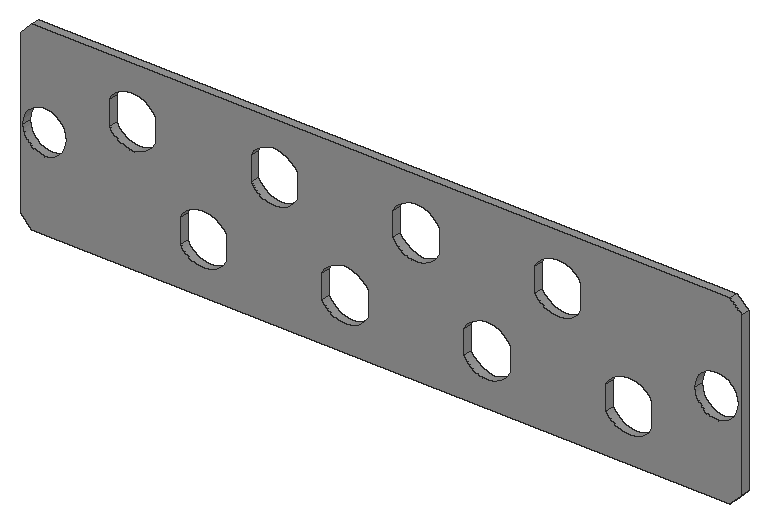
Revit family "ITK_Панель для 8-ми оптических адаптеров (FC или ST в 19 кросс)", category Обобщенные модели, Revit 2019
Family settings
  Может служить основой для арматурных стержней = Нет
  Размер круглого соединителя = Использовать диаметр
  Тип детали = Нормальный
  На основе рабочей плоскости = Нет
  Всегда вертикально = Да
  При загрузке вырезать с полостями = Нет
  Общий = Нет
  Точка расчета площади = Нет
Parameters (values of type "FOBX-P8-FX")
  Ширина = 125 mm
  Степень защиты = ""
  Материал = Окраска - RAL 7035
  Изготовитель = "ITK"  # constant formula
  Дата изменения = ""
  Тип монтажа = ""  # constant formula
  Глубина = 1.5 mm
  Высота = 32 mm
  URL = "https://www.iek.ru/"
  KSI_CPr_Строительные изделия = "61.1.04.08"  # constant formula
  KSI_CMa_Строительные материалы = "10.03.02.06"  # constant formula
  IEK_Цена за единицу = 49.82
  IEK_Поиск в таблице имен = ""
  IEK_Описание = "Изготовлены из высококачественных материалов.\r\nСоответствие международным стандартам и ГОСТ Р."
  IEK_URL = "https://www.itk-group.ru/produktsiya/catalog/oborudovanie_telekommunikatsionnoe/komponenty_sks_opticheskie/komponenty_sks_opticheskie/opticheskie_krossy_19/itk_panel_dlya_8_mi_opticheskikh_adapterov_fc_ili_st_v_19_kross"
  ADSK_Примечание = ""
  ADSK_Позиция [instance] = ""
  ADSK_Наименование = "ITK Панель для 8-ми оптических адаптеров (FC или ST в 19\" кросс)"
  ADSK_Материал обозначение = ""
  ADSK_Материал наименование = "Листовая сталь"  # constant formula
  ADSK_Масса = 0.1
  ADSK_Марка = ""  # constant formula
  ADSK_Код изделия = "FOBX-P8-FX"
  ADSK_Завод-изготовитель = "IEK"  # constant formula
  ADSK_Единица измерения = "шт"  # constant formula
  ADSK_Группирование = "I. ЩИТЫ И ПУЛЬТЫ"  # constant formula
  ADSK_Версия семейства = "1.0"  # constant formula
  ADSK_Версия Revit = "2019"  # constant formula
  ADSK_URL страницы изделия = "https://www.itk-group.ru/produktsiya/catalog/oborudovanie_telekommunikatsionnoe/komponenty_sks_opticheskie/komponenty_sks_opticheskie/opticheskie_krossy_19/?pagec=30"
Reference planes
  plane 1 "По центру (Вперед/Назад)": y = 0
  plane 2: z = 0
  plane 3 "По центру (Влево/Вправо)": x = 0
  plane 4: z = 32
  plane 5: x = -62.5
  plane 6: x = 62.5
  plane 7: y = -1.5
Forms (mm)
  Extrusion 1, solid, material "Окраска - RAL 7035" <- "Материал", detail levels fine
    sketch origin (0, 0, 0) x (1, 0, 0) y (0, 0, 1)
      loop
        line (-62.5, 30) -> (-62.5, 2) -> (-60.5, 0) -> (60.5, 0) -> (62.5, 2) -> (62.5, 30) -> (60.5, 32) -> (-60.5, 32) -> (-62.5, 30)
      loop
        circle (-58.25, 16) r 3.75
      loop
        circle (58.25, 16) r 3.75
      loop
        arc (-39.05, 25.062) -> (-43.05, 27.5) -> (-47.05, 25.062) r 4.5
        line (-47.05, 25.062) -> (-47.05, 20.938)
        arc (-47.05, 20.938) -> (-43.05, 18.5) -> (-39.05, 20.938) r 4.5
        line (-39.05, 20.938) -> (-39.05, 25.062)
      loop
        arc (-14.45, 25.062) -> (-18.45, 27.5) -> (-22.45, 25.062) r 4.5
        line (-22.45, 25.062) -> (-22.45, 20.938)
        arc (-22.45, 20.938) -> (-18.45, 18.5) -> (-14.45, 20.938) r 4.5
        line (-14.45, 20.938) -> (-14.45, 25.062)
      loop
        arc (10.15, 25.062) -> (6.15, 27.5) -> (2.15, 25.062) r 4.5
        line (2.15, 25.062) -> (2.15, 20.938)
        arc (2.15, 20.938) -> (6.15, 18.5) -> (10.15, 20.938) r 4.5
        line (10.15, 20.938) -> (10.15, 25.062)
      loop
        arc (34.75, 25.062) -> (30.75, 27.5) -> (26.75, 25.062) r 4.5
        line (26.75, 25.062) -> (26.75, 20.938)
        arc (26.75, 20.938) -> (30.75, 18.5) -> (34.75, 20.938) r 4.5
        line (34.75, 20.938) -> (34.75, 25.062)
      loop
        arc (47.05, 11.062) -> (43.05, 13.5) -> (39.05, 11.062) r 4.5
        line (39.05, 11.062) -> (39.05, 6.938)
        arc (39.05, 6.938) -> (43.05, 4.5) -> (47.05, 6.938) r 4.5
        line (47.05, 6.938) -> (47.05, 11.062)
      loop
        arc (22.45, 11.062) -> (18.45, 13.5) -> (14.45, 11.062) r 4.5
        line (14.45, 11.062) -> (14.45, 6.938)
        arc (14.45, 6.938) -> (18.45, 4.5) -> (22.45, 6.938) r 4.5
        line (22.45, 6.938) -> (22.45, 11.062)
      loop
        arc (-2.15, 11.062) -> (-6.15, 13.5) -> (-10.15, 11.062) r 4.5
        line (-10.15, 11.062) -> (-10.15, 6.938)
        arc (-10.15, 6.938) -> (-6.15, 4.5) -> (-2.15, 6.938) r 4.5
        line (-2.15, 6.938) -> (-2.15, 11.062)
      loop
        arc (-26.75, 11.062) -> (-30.75, 13.5) -> (-34.75, 11.062) r 4.5
        line (-34.75, 11.062) -> (-34.75, 6.938)
        arc (-34.75, 6.938) -> (-30.75, 4.5) -> (-26.75, 6.938) r 4.5
        line (-26.75, 6.938) -> (-26.75, 11.062)
    from 0 to 1.5
  Extrusion 2, solid, detail levels coarse+medium
    sketch origin (0, 0, 0) x (1, 0, 0) y (0, 1, 0)
      loop
        line (-62.5, 0) -> (-62.5, -1.5) -> (62.5, -1.5) -> (62.5, 0) -> (-62.5, 0)
    from 32 <- "Высота" to 0
Dimensions and locks
  "Высота": plane 4 to level
  equal spacing: plane 6, plane 3 "По центру (Влево/Вправо)", plane 5
  "Ширина": plane 6 to plane 5
  "Глубина": plane 1 "По центру (Вперед/Назад)" to plane 7
  aligned and locked: level to plane 2
  aligned and locked: Extrusion 2 sketch curve to Extrusion 1  (x3)
Automatic sketch dimensions
  Extrusion 1 sketch curve to plane 5 = 0 mm
  Extrusion 1 sketch curve to level = 0 mm
  Extrusion 1 sketch curve to plane 6 = 0 mm
  plane 4 to Extrusion 1 sketch curve = 0 mm
  plane 5 to Extrusion 1 sketch curve = 2 mm  (x2)
  plane 5 to Extrusion 1 sketch curve = 4.25 mm
  Extrusion 1 sketch curve to plane 6 = 4.25 mm
  Extrusion 1 sketch curve to plane 6 = 2 mm  (x2)
  level to Extrusion 1 sketch curve = 2 mm  (x2)
  Extrusion 1 sketch curve to plane 4 = 2 mm  (x2)
  Extrusion 2 sketch curve to plane 5 = 0 mm
  Extrusion 1 sketch curve to Extrusion 1 sketch curve = 14 mm  (x2)
  Extrusion 1 sketch curve to Extrusion 1 sketch curve = 0 mm  (x16)
  Extrusion 1 sketch curve to plane 4 = 6.938 mm  (x2)
  Extrusion 1 sketch curve to Extrusion 1 sketch curve = 11.2 mm
  Extrusion 1 sketch curve to Extrusion 1 sketch curve = 4 mm  (x15)
  Extrusion 1 sketch curve to Extrusion 1 sketch curve = 4.123 mm  (x8)
  Extrusion 1 sketch curve to Extrusion 1 sketch curve = 2.062 mm  (x8)
  Extrusion 1 sketch curve to Extrusion 1 sketch curve = 16.6 mm  (x2)
  Extrusion 1 sketch curve to plane 4 = 11.062 mm  (x2)
  plane 3 "По центру (Влево/Вправо)" to Extrusion 1 sketch curve = 2.15 mm
  Extrusion 1 sketch curve to Extrusion 1 sketch curve = 4.3 mm  (x2)
  level to Extrusion 1 sketch curve = 6.938 mm  (x4)
  plane 3 "По центру (Влево/Вправо)" to Extrusion 1 sketch curve = 14.45 mm
  Extrusion 1 sketch curve to plane 3 "По центру (Влево/Вправо)" = 10.15 mm
  Extrusion 1 sketch curve to plane 3 "По центру (Влево/Вправо)" = 2.15 mm
  radius of Extrusion 1 sketch curve = 3.75 mm  (x2)
